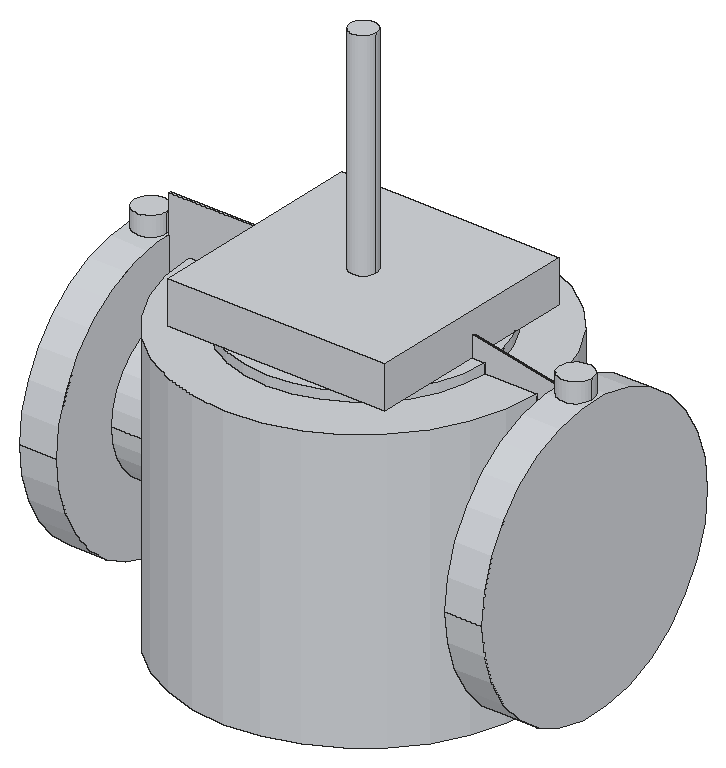
Revit family "OC-FLANGE_LF_DN250_PN25_RFA_2018", category Pipe Accessories, Revit 2018
Family settings
  Round Connector Dimension = Use Diameter
  Part Type = Valve - Breaks Into
  Work Plane-Based = No
  Always vertical = Yes
  Cut with Voids When Loaded = No
  Shared = No
Parameters (values of type "Optima Compact Flange PN25 DN250 LF")
  magiProductId = "20821eea46024d2fbc17bc30e76bb6"
  magiProductFamilyId = "6671a74a2b704780975e46da077cee"
  magiPartTypeId = 304
  isMeasuringValve [instance] = no
  ang2D [instance] = 0.00°
  W2D = 50 mm
  VersionID = "2.0/2018.12.13.2/FRESE_OPT_COMP_BIG_Q13_001"
  Use Minimum Symbol Size [instance] = no
  URL = "www.hydronic.cz"
  Type Comments = "Přírubový; PN25; 0~110°C, s měřením"
  R4 = 192.15 mm
  R3 = 115.44 mm
  R1 = 274.5 mm
  QmdConnectorList = "301;D;302;D"
  Productdata [instance] = ""
  Manufacturer = "Hydronic Systems Prague s.r.o."
  MC Use Limits From Balancing Method = no
  MC Throttling Minimum Value = 0
  MC Throttling Maximum Value = 0
  MC Product Code = "53-1227 (DN250 LF; 48mm; pohon min 2500N; Qmin-dpmin 190000l/h-10.0kPa; Qmax-dpmin 475000l/h-35.0kPa; dpmax 800kPa)"
  MC Pressure Drop Minimum Value = 0.0 Pa
  MC Pressure Drop Maximum Value = 0.0 Pa
  MC Piping Given Pressure Drop [instance] = 0.0 Pa
  LF__ve = -LF  # -58.4 mm
  LF2 = 29.2 mm
  LF = 58.4 mm
  L4 = 343.1 mm
  L3 = 613.2 mm
  L2D_Min = 30.48 mm
  L2D = 230 mm
  L2 = 365 mm
  H6 = 339.4 mm
  H4 = 66.6 mm
  H3 = 15 mm
  H2 = 244.2 mm
  H1 = 444 mm
  H = 1094 mm
  Description = "Pressure independent control valve"
  DF2 = 222 mm
  DD = yes
  D = 250 mm
  CAT0 = yes
  Assembly Code = "Tlakově nezávislý 2-cestný regulační vyvažovací ventil (PICV)"
  AL2 = 156 mm
  ACT3W = 167 mm
  ACT3L = 92.5 mm
  ACT2L = 230 mm
  ACT2H = 311 mm
  A3WP = 112 mm
Types (2, lengths in mm): name | magiProductId | R4 | R3 | R1 | MC Product Code | LF__ve | LF2 | LF | L4 | L3 | L2 | H6 | H4 | H2 | H1 | H | DF2 | D
  Optima Compact Flange PN25 DN250 LF | "20821eea46024d2fbc17bc30e76bb6" | 192.15 | 115.44 | 274.5 | "53-1227 (DN250 LF; 48mm; pohon min 2500N; Qmin-dpmin 190000l/h-10.0kPa; Qmax-dpmin 475000l/h-35.0kPa; dpmax 800kPa)" | -58.4 | 29.2 | 58.4 | 343.1 | 613.2 | 365 | 339.4 | 66.6 | 244.2 | 444 | 1094 | 222 | 250
  Optima Compact Flange PN25 DN300 LF | "927549d0afbe43c2b0a2f05f2749bf" | 251.65 | 135.2 | 359.5 | "53-1228 (DN300 LF; 48mm; pohon min 2500N; Qmin-dpmin 190000l/h-10.0kPa; Qmax-dpmin 475000l/h-35.0kPa; dpmax 800kPa)" | -68 | 34 | 68 | 399.5 | 714 | 425 | 290 | 78 | 286 | 520 | 1132 | 260 | 300
Reference planes
  plane 1 "Center (Front/Back)": y = 0
  plane 2 "XYPLANE": z = 0
  plane 3 "Center (Left/Right)": x = 0
  plane 4 "362": y = 45
  plane 5 "361": y = 55
  plane 6 "360": y = -102
  plane 7 "359": y = -112
  plane 8 "358": z = 852
  plane 9 "357": x = -87.5
  plane 10 "356": x = 87.5
  plane 11 "355": x = -92.5
  plane 12 "354": x = 92.5
  plane 13 "353": x = 35
  plane 14 "352": x = -35
  plane 15 "351": z = 627
  plane 16 "350": z = 812
  plane 17 "347": y = -25
  plane 18 "346": y = 25
  plane 19 "342": z = 280.4
  plane 20 "341": x = 306.6
  plane 21 "340": x = -306.6
  plane 22 "335": x = 106
  plane 23 "334": z = 759
  plane 24 "333": z = 684
  plane 25 "332": z = 689
  plane 26 "331": z = 729
  plane 27 "330": z = 561
  plane 28 "329": z = -222
  plane 29 "328": x = -45
  plane 30 "327": x = 45
  plane 31 "326": x = -49
  plane 32 "325": x = 49
  plane 33 "324": y = -20
  plane 34 "323": y = 20
  plane 35 "322": z = 869
  plane 36 "321": z = 872
  plane 37 "320": z = 581
  plane 38 "319": y = -61
  plane 39 "318": y = 73
  plane 40 "317": x = -74
  plane 41 "316": x = 156
  plane 42 "206": x = 335.8
  plane 43 "205": x = -335.8
  plane 44 "204": z = 222
  plane 45 "203": z = 281.4
  plane 46 "202": z = 214.8
  plane 47 "201": z = 199.8
  plane 48 "200": x = -306.6
  plane 49 "199": z = -244.2
  plane 50 "198": x = 0
  plane 51 "197": y = 0
  plane 52 "196": z = 0
  plane 53 "195": x = -365
  plane 54 "194": x = 365
  plane 55 "193": z = 620.8
  plane 56 "192": z = 784.8
Forms (mm)
  Extrusion 1, solid, visible <- "DD"
    sketch origin (750, 0, 0) x (-1, 0, 0) y (0, 0, 1)
      loop
        line (1056.6, 280.4) -> (750, 280.4) -> (443.4, 222) -> (443.4, -222) -> (1056.6, -222) -> (1056.6, 280.4)
    from 0 to 3
  Extrusion 2, solid, visible <- "CAT0"
    sketch origin (-750, 0, 222) x (1, 0, 0) y (0, 1, 0)
      loop
        circle (1085.8, 0) r 25.5
    from 0 to 30
  Extrusion 3, solid, visible <- "CAT0"
    sketch origin (-750, 0, 222) x (1, 0, 0) y (0, 1, 0)
      loop
        circle (414.2, 0) r 25.5
    from 0 to 30
  Extrusion 4, solid, visible <- "CAT0"
    sketch origin (-750, 0, 281.4) x (1, 0, 0) y (0, 1, 0)
      loop
        circle (750, 0) r 20
    from 0 to 339.4 <- "H6"
  Extrusion 5, solid, visible <- "CAT0"
    sketch origin (-750, 0, 214.8) x (1, 0, 0) y (0, 1, 0)
      loop
        line (921.55, 171.55) -> (578.45, 171.55) -> (578.45, -171.55) -> (921.55, -171.55) -> (921.55, 171.55)
    from 0 to 66.6 <- "H4"
  Extrusion 6, solid, visible <- "CAT0"
    sketch origin (-750, 0, 199.8) x (1, 0, 0) y (0, 1, 0)
      loop
        circle (750, 0) r 192.15
    from 0 to 15 <- "H3"
  Extrusion 7, solid, visible <- "CAT0"
    sketch origin (-306.6, -750, 0) x (0, 1, 0) y (0, 0, 1)
      loop
        circle (750, 0) r 115.44
    from 0 to 613.2 <- "L3"
  Extrusion 8, solid, visible <- "CAT0"
    sketch origin (-750, 0, -244.2) x (1, 0, 0) y (0, 1, 0)
      loop
        circle (750, 0) r 274.5
    from 0 to 444 <- "H1"
  Extrusion 9, solid, visible <- "CAT0"
    sketch origin (-365, -750, 0) x (0, 1, 0) y (0, 0, 1)
      loop
        circle (750, 0) r 222
    from 0 to 58.4 <- "LF"
  Extrusion 10, solid, visible <- "CAT0"
    sketch origin (365, -750, 0) x (0, 1, 0) y (0, 0, 1)
      loop
        circle (750, 0) r 222
    from 0 to -58.4 <- "LF__ve"
  Extrusion 11, solid, not visible
    sketch origin (-365, -750, 0) x (0, 1, 0) y (0, 0, 1)
      loop
        circle (750, 0) r 10
    from 0 to 10
  Extrusion 12, solid, not visible
    sketch origin (365, -750, 0) x (0, 1, 0) y (0, 0, 1)
      loop
        circle (750, 0) r 10
    from 0 to -10
Lines and regions (mm)
  reference lines, not visible
    curve 1: circle (2, 2, 0) r 1 normal (0, 0, 1)
  reference lines
    curve 2: line (-49, -20, 561) -> (49, -20, 561)
    curve 3: line (49, -20, 561) -> (49, 20, 561)
    curve 4: line (49, 20, 561) -> (-49, 20, 561)
    curve 5: line (-49, 20, 561) -> (-49, -20, 561)
    curve 6: circle (0, 0, 214.8) r 1 normal (0, 0, 1)
Dimensions and locks
  plane 1 "Center (Front/Back)" to curve 1 = 2 mm
  locked: plane 5 "361" to plane 4 "362" at 10
  "ACT3W": plane 7 "359" to plane 5 "361"
  locked: plane 7 "359" to plane 6 "360" at 10
  "A3WP": plane 51 "197" to plane 7 "359"
  locked: plane 36 "321" to plane 8 "358" at 20
  locked: plane 11 "355" to plane 9 "357" at 5
  locked: plane 12 "354" to plane 10 "356" at 5
  "ACT3L": plane 50 "198" to plane 11 "355"
  "ACT3L": plane 50 "198" to plane 12 "354"
  locked: plane 30 "327" to plane 13 "353" at 10
  locked: plane 29 "328" to plane 14 "352" at 10
  locked: plane 36 "321" to plane 15 "351" at 245
  locked: plane 36 "321" to plane 16 "350" at 60
  locked: plane 51 "197" to plane 17 "347" at 25
  locked: plane 51 "197" to plane 18 "346" at 25
  "LF": plane 44 "204" to plane 19 "342"
  "LF": plane 54 "194" to plane 20 "341"
  "LF": plane 53 "195" to plane 21 "340"
  locked: plane 41 "316" to plane 22 "335" at 50
  locked: plane 26 "331" to plane 23 "334" at 30
  locked: plane 35 "322" to plane 24 "333" at 185
  locked: plane 35 "322" to plane 25 "332" at 180
  locked: plane 35 "322" to plane 26 "331" at 140
  "ACT2H": plane 36 "321" to plane 27 "330"
  "DF2": plane 52 "196" to plane 28 "329"
  locked: plane 30 "327" to plane 29 "328" at 90
  locked: plane 50 "198" to plane 30 "327" at 45
  locked: plane 50 "198" to plane 31 "326" at 49
  locked: plane 50 "198" to plane 32 "325" at 49
  locked: plane 34 "323" to plane 33 "324" at 40
  locked: plane 51 "197" to plane 34 "323" at 20
  locked: plane 36 "321" to plane 35 "322" at 3
  "H": plane 28 "329" to plane 36 "321"
  locked: plane 27 "330" to plane 37 "320" at 20
  locked: plane 51 "197" to plane 38 "319" at 61
  locked: plane 51 "197" to plane 39 "318" at 73
  "ACT2L": plane 41 "316" to plane 40 "317"
  "AL2": plane 50 "198" to plane 41 "316"
  "LF2": plane 54 "194" to plane 42 "206"
  "LF2": plane 53 "195" to plane 43 "205"
  "DF2": plane 2 "XYPLANE" to plane 44 "204"
  "H4": plane 46 "202" to plane 45 "203"
  "H3": plane 47 "201" to plane 46 "202"
  "H1": plane 49 "199" to plane 47 "201"
  "LF": plane 53 "195" to plane 48 "200"
  "H2": plane 2 "XYPLANE" to plane 49 "199"
  locked: plane 3 "Center (Left/Right)" to plane 50 "198"
  locked: plane 1 "Center (Front/Back)" to plane 51 "197"
  locked: plane 2 "XYPLANE" to plane 52 "196"
  "L2": plane 3 "Center (Left/Right)" to plane 53 "195"
  "L2": plane 3 "Center (Left/Right)" to plane 54 "194"
  "H6": plane 45 "203" to plane 55 "193"
  locked: plane 55 "193" to plane 56 "192" at 164
  Extrusion 1 sketch curve to Extrusion 1 sketch curve = 0 mm  (x10)
  equal spacing: Extrusion 5 sketch curve, curve 6, Extrusion 5 sketch curve  (x2)
  "L4": Extrusion 5 sketch curve to Extrusion 5 sketch curve  (x2)
  Extrusion 5 sketch curve to Extrusion 5 sketch curve = 0 mm  (x8)
  "R4": radius of Extrusion 6 sketch curve
  "R3": radius of Extrusion 7 sketch curve
  "R1": radius of Extrusion 8 sketch curve
  "DF2": radius of Extrusion 9 sketch curve
  "DF2": radius of Extrusion 10 sketch curve
  aligned and locked: level to plane 2 "XYPLANE"
  aligned and locked: plane 21 "340" to Extrusion 1 sketch curve  (x2)
  aligned and locked: plane 19 "342" to Extrusion 1 sketch curve
  aligned and locked: plane 28 "329" to Extrusion 1 sketch curve  (x2)
  aligned and locked: plane 20 "341" to Extrusion 1 sketch curve  (x2)
  aligned and locked: plane 44 "204" to Extrusion 1 sketch curve
  aligned and locked: plane 50 "198" to Extrusion 1 sketch curve
  aligned and locked: Extrusion 1 sketch curve to plane 19 "342"
  aligned and locked: curve 2 to plane 33 "324"
  aligned and locked: plane 31 "326" to curve 2
  aligned and locked: plane 32 "325" to curve 2
  aligned and locked: plane 33 "324" to curve 3
  aligned and locked: plane 34 "323" to curve 3
  aligned and locked: plane 32 "325" to curve 4
  aligned and locked: plane 31 "326" to curve 4
  aligned and locked: plane 34 "323" to curve 5
  aligned and locked: plane 42 "206" to Extrusion 2 sketch curve
  aligned and locked: plane 51 "197" to Extrusion 2 sketch curve
  aligned and locked: plane 43 "205" to Extrusion 3 sketch curve
  aligned and locked: plane 51 "197" to Extrusion 3 sketch curve
  aligned and locked: plane 50 "198" to Extrusion 4 sketch curve
  aligned and locked: plane 51 "197" to Extrusion 4 sketch curve
  aligned and locked: plane 50 "198" to curve 6
  aligned and locked: plane 51 "197" to curve 6
  aligned and locked: plane 50 "198" to Extrusion 6 sketch curve
  aligned and locked: plane 51 "197" to Extrusion 6 sketch curve
  aligned and locked: Extrusion 7 sketch curve to plane 51 "197"
  aligned and locked: plane 52 "196" to Extrusion 7 sketch curve
  aligned and locked: plane 50 "198" to Extrusion 8 sketch curve
  aligned and locked: plane 51 "197" to Extrusion 8 sketch curve
  aligned and locked: Extrusion 9 sketch curve to plane 51 "197"
  aligned and locked: plane 52 "196" to Extrusion 9 sketch curve
  aligned and locked: Extrusion 10 sketch curve to plane 51 "197"
  aligned and locked: plane 52 "196" to Extrusion 10 sketch curve
  aligned and locked: Extrusion 11 sketch curve to plane 51 "197"
  aligned and locked: plane 52 "196" to Extrusion 11 sketch curve
  aligned and locked: Extrusion 12 sketch curve to plane 51 "197"
  aligned and locked: plane 52 "196" to Extrusion 12 sketch curve
Automatic sketch dimensions
  plane 20 "341" to Extrusion 2 sketch curve = 3.7 mm
  plane 53 "195" to Extrusion 3 sketch curve = 3.7 mm
  plane 14 "352" to Extrusion 4 sketch curve = 15 mm
  plane 1 "Center (Front/Back)" to Extrusion 11 sketch curve = 10 mm
  plane 1 "Center (Front/Back)" to Extrusion 12 sketch curve = 10 mm
  plane 3 "Center (Left/Right)" to curve 1 = 2 mm
  Extrusion 5 sketch curve to plane 11 "355" = 79.05 mm
  Extrusion 5 sketch curve to plane 7 "359" = 59.55 mm
  radius of curve 6 = 1 mm
  radius of curve 1 = 1 mm
Connectors
  piping at (-365, 0, 0), diameter 250, driven by "D"
    settings: on Extrusion 11, index 1, connector inside diameter 609.6 mm, connector length 0 mm, flow factor 0, pipe flow 0.0 L/s, pressure drop 0.0 Pa, fitting loss kfactor 0, connector angle 0.00°, fixture units 0, engagement length 0 mm, angle of deflection 0.00°, flow configuration 0, flow direction 0, fitting loss method 0, system type 29, joint type 0, gender type 0, connector reference index 2, connector utility 0, adjustable connector no, is connector primary yes, connector description ""
  piping at (365, 0, 0), diameter 250, driven by "D"
    settings: on Extrusion 12, index 2, connector inside diameter 609.6 mm, connector length 0 mm, flow factor 0, pipe flow 0.0 L/s, pressure drop 0.0 Pa, fitting loss kfactor 0, connector angle 0.00°, fixture units 0, engagement length 0 mm, angle of deflection 0.00°, flow configuration 0, flow direction 0, fitting loss method 0, system type 29, joint type 0, gender type 0, connector reference index 1, connector utility 0, adjustable connector no, is connector primary no, connector description ""
